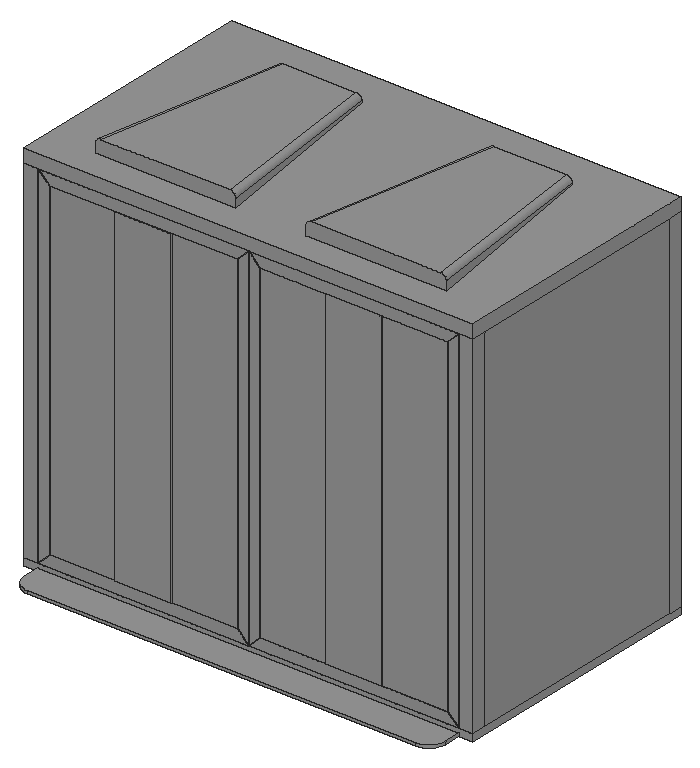
Revit family "Контейнерный шкаф «Блок композит» Арт 13895", category Антураж, Revit 2018
Family settings
  На основе рабочей плоскости = Нет
  Всегда вертикально = Да
  При загрузке вырезать с полостями = Нет
  Источник визуального образа = Геометрия семейства
  Общий = Нет
  Точка расчета площади = Нет
Parameters (values of type "Версия "Сталь, композит"")
  Ширина = 924 mm  # constant formula
  Цвет отделки = Дерево
  Цвет каркаса = Сталь
  Цвет ТБО = ТБО
  Описание = if([Версия "Сталь, дерево"], "Контейнерный шкаф «Блок композит». Версия сталь, дерево", "Контейнерный шкаф «Блок композит». Версия сталь, композит")  # "Контейнерный шкаф «Блок композит». Версия сталь, композит"
  Материал изделия = if([Версия "Сталь, дерево"], "Сталь, дерево", "Сталь, композит")  # "Сталь, композит"
  Изображение типоразмера = Контейнерный шкаф «Блок композит» Арт 13895.jpg
  Изготовитель = "ООО «Хоббика»"  # constant formula
  Длина = 1600 mm  # constant formula
  Группа модели = "Контейнерные площадки для ТБО"  # constant formula
  Высота = 1335 mm  # constant formula
  Версия "Сталь, композит" = not([Версия "Сталь, дерево"])  # yes
  Версия "Сталь, дерево" = no
  Артикул товара = "Арт. 13895"  # constant formula
  URL = "https://hobbyka.ru/product/konteynernyy_shkaf_blok_kompozit/"
Types (3, lengths in mm): name | Описание | Материал изделия | Версия "Сталь, композит" | Версия "Сталь, дерево"
  (no name) | "Контейнерный шкаф «Блок композит». Версия сталь, композит" | "Сталь, композит" | yes | no
  Версия "Сталь, дерево" | "Контейнерный шкаф «Блок композит». Версия сталь, дерево" | "Сталь, дерево" | no | yes
  Версия "Сталь, композит" | "Контейнерный шкаф «Блок композит». Версия сталь, композит" | "Сталь, композит" | yes | no
Reference planes
  plane 1 "По центру (Вперед/Назад)": y = 0
  plane 2: z = 0
  plane 3 "По центру (Влево/Вправо)": x = 0
  plane 4: x = 1600
  plane 5: y = 924
  plane 6: z = 1335
Forms (mm)
  Extrusion 1, solid, material "Сталь" <- "Цвет каркаса"
    sketch origin (0, 0, 0) x (1, 0, 0) y (0, 1, 0)
      loop
        line (50, 0) -> (50, -60)
        arc (50, -60) -> (67.574, -102.426) -> (110, -120) r 60
        line (110, -120) -> (1490, -120)
        arc (1490, -120) -> (1532.426, -102.426) -> (1550, -60) r 60
        line (1550, -60) -> (1550, 0) -> (50, 0)
    from 0 to 10
  Extrusion 2, solid, material "Сталь" <- "Цвет каркаса"
    sketch origin (0, 0, 0) x (1, 0, 0) y (0, 1, 0)
      loop
        line (0, 924) -> (0, 0) -> (1600, 0) -> (1600, 924) -> (0, 924)
    from 0 to 25
  Extrusion 3, solid, material "Сталь" <- "Цвет каркаса"
    sketch origin (0, 0, 0) x (1, 0, 0) y (0, 1, 0)
      loop
        line (0, 924) -> (0, 874) -> (50, 874) -> (50, 924) -> (0, 924)
      loop
        line (775, 874) -> (825, 874) -> (825, 924) -> (775, 924) -> (775, 874)
      loop
        line (1550, 874) -> (1600, 874) -> (1600, 924) -> (1550, 924) -> (1550, 874)
      loop
        line (0, 50) -> (0, 0) -> (50, 0) -> (50, 50) -> (0, 50)
      loop
        line (775, 25) -> (825, 25) -> (825, 75) -> (775, 75) -> (775, 25)
      loop
        line (1550, 0) -> (1600, 0) -> (1600, 50) -> (1550, 50) -> (1550, 0)
    from 25 to 1285
  Extrusion 4, solid, material "Сталь" <- "Цвет каркаса"
    sketch origin (0, 0, 0) x (1, 0, 0) y (0, 1, 0)
      loop
        line (0, 924) -> (0, 0) -> (1600, 0) -> (1600, 924) -> (0, 924)
    from 1285 to 1335
  Extrusion 5, solid, material "Дерево" <- "Цвет отделки"
    sketch origin (0, 0, 0) x (1, 0, 0) y (0, 1, 0)
      loop
        line (50, 924) -> (50, 899) -> (775, 899) -> (775, 924) -> (50, 924)
      loop
        line (825, 924) -> (825, 899) -> (1550, 899) -> (1550, 924) -> (825, 924)
      loop
        line (0, 874) -> (0, 50) -> (25, 50) -> (25, 874) -> (0, 874)
      loop
        line (1600, 874) -> (1575, 874) -> (1575, 50) -> (1600, 50) -> (1600, 874)
    from 25 to 1285
  Extrusion 6, solid, material "Сталь" <- "Цвет каркаса"
    sketch origin (0, 0, 0) x (1, 0, 0) y (0, 0, 1)
      loop
        line (50, 1285) -> (90, 1245) -> (760, 1245) -> (800, 1285) -> (50, 1285)
      loop
        line (50, 25) -> (800, 25) -> (760, 65) -> (90, 65) -> (50, 25)
    from 0 to -25
  Extrusion 7, solid, material "Сталь" <- "Цвет каркаса"
    sketch origin (0, 0, 0) x (1, 0, 0) y (0, 0, 1)
      loop
        line (800, 25) -> (800, 1285) -> (760, 1245) -> (760, 65) -> (800, 25)
      loop
        line (90, 65) -> (90, 1245) -> (50, 1285) -> (50, 25) -> (90, 65)
    from 0 to -25
  Extrusion 8, solid, material "Сталь" <- "Цвет каркаса"
    sketch origin (750, 0, 0) x (1, 0, 0) y (0, 0, 1)
      loop
        line (50, 1285) -> (90, 1245) -> (760, 1245) -> (800, 1285) -> (50, 1285)
      loop
        line (50, 25) -> (800, 25) -> (760, 65) -> (90, 65) -> (50, 25)
    from 0 to -25
  Extrusion 9, solid, material "Сталь" <- "Цвет каркаса"
    sketch origin (750, 0, 0) x (1, 0, 0) y (0, 0, 1)
      loop
        line (800, 25) -> (800, 1285) -> (760, 1245) -> (760, 65) -> (800, 25)
      loop
        line (90, 65) -> (90, 1245) -> (50, 1285) -> (50, 25) -> (90, 65)
    from 0 to -25
  Extrusion 10, solid, material "Дерево" <- "Цвет отделки"
    sketch origin (0, 0, 0) x (1, 0, 0) y (0, 1, 0)
      loop
        line (90, 0) -> (760, 0) -> (760, 12.5) -> (90, 12.5) -> (90, 0)
      loop
        line (840, 12.5) -> (840, 0) -> (1510, 0) -> (1510, 12.5) -> (840, 12.5)
    from 65 to 1245
  Blend 11, solid, material "Сталь" <- "Цвет каркаса"
    base sketch origin (0, 0, 0) x (1, 0, 0) y (0, 0, 1)
      loop
        line (655, 1385) -> (195, 1385)
        arc (195, 1385) -> (180.858, 1379.142) -> (175, 1365) r 20
        line (175, 1365) -> (175, 1335) -> (675, 1335) -> (675, 1365)
        arc (675, 1365) -> (669.142, 1379.142) -> (655, 1385) r 20
    top sketch origin (0, 0, 0) x (1, 0, 0) y (0, 0, 1)
      loop
        line (275, 1335) -> (575, 1335) -> (575, 1340)
        arc (575, 1340) -> (569.142, 1354.142) -> (555, 1360) r 20
        line (555, 1360) -> (295, 1360)
        arc (295, 1360) -> (280.858, 1354.142) -> (275, 1340) r 20
        line (275, 1340) -> (275, 1335)
    from -100 to -785
  Blend 12, solid, material "Сталь" <- "Цвет каркаса"
    base sketch origin (750, 0, 0) x (1, 0, 0) y (0, 0, 1)
      loop
        line (655, 1385) -> (195, 1385)
        arc (195, 1385) -> (180.858, 1379.142) -> (175, 1365) r 20
        line (175, 1365) -> (175, 1335) -> (675, 1335) -> (675, 1365)
        arc (675, 1365) -> (669.142, 1379.142) -> (655, 1385) r 20
    top sketch origin (750, 0, 0) x (1, 0, 0) y (0, 0, 1)
      loop
        line (275, 1335) -> (575, 1335) -> (575, 1340)
        arc (575, 1340) -> (569.142, 1354.142) -> (555, 1360) r 20
        line (555, 1360) -> (295, 1360)
        arc (295, 1360) -> (280.858, 1354.142) -> (275, 1340) r 20
        line (275, 1340) -> (275, 1335)
    from -100 to -785
  Extrusion 13, solid, material "ТБО" <- "Цвет ТБО"
    sketch origin (0, 0, 0) x (1, 0, 0) y (0, 1, 0)
      loop
        line (325, 0) -> (325, -2) -> (525, -2) -> (525, 0) -> (325, 0)
    from 65 to 1245
  Extrusion 14, solid, material "ТБО" <- "Цвет ТБО"
    sketch origin (750, 0, 0) x (1, 0, 0) y (0, 1, 0)
      loop
        line (325, 0) -> (325, -2) -> (525, -2) -> (525, 0) -> (325, 0)
    from 65 to 1245
Dimensions and locks
  "Длина": plane 3 "По центру (Влево/Вправо)" to plane 4
  "Ширина": plane 5 to plane 1 "По центру (Вперед/Назад)"
  "Высота": plane 6 to plane 2
  aligned and locked: level to plane 2
Automatic sketch dimensions
  plane 1 "По центру (Вперед/Назад)" to Extrusion 1 sketch curve = 0 mm
  plane 3 "По центру (Влево/Вправо)" to Extrusion 1 sketch curve = 50 mm
  Extrusion 1 sketch curve to Extrusion 1 sketch curve = 60 mm
  Extrusion 1 sketch curve to plane 4 = 110 mm
  Extrusion 1 sketch curve to plane 4 = 50 mm
  plane 1 "По центру (Вперед/Назад)" to Extrusion 1 sketch curve = 60 mm
  plane 1 "По центру (Вперед/Назад)" to Extrusion 2 sketch curve = 0 mm
  Extrusion 2 sketch curve to plane 3 "По центру (Влево/Вправо)" = 0 mm
  Extrusion 2 sketch curve to plane 4 = 0 mm
  Extrusion 2 sketch curve to plane 5 = 0 mm
  Extrusion 3 sketch curve to plane 3 "По центру (Влево/Вправо)" = 0 mm  (x2)
  plane 1 "По центру (Вперед/Назад)" to Extrusion 3 sketch curve = 0 mm  (x2)
  Extrusion 3 sketch curve to plane 5 = 0 mm  (x3)
  Extrusion 3 sketch curve to plane 4 = 0 mm  (x2)
  plane 3 "По центру (Влево/Вправо)" to Extrusion 3 sketch curve = 50 mm  (x2)
  Extrusion 3 sketch curve to Extrusion 3 sketch curve = 725 mm  (x2)
  Extrusion 3 sketch curve to plane 1 "По центру (Вперед/Назад)" = 25 mm
  Extrusion 3 sketch curve to Extrusion 3 sketch curve = 50 mm  (x5)
  Extrusion 3 sketch curve to plane 4 = 50 mm
  Extrusion 3 sketch curve to plane 1 "По центру (Вперед/Назад)" = 50 mm
  Extrusion 3 sketch curve to plane 5 = 50 mm  (x3)
  plane 1 "По центру (Вперед/Назад)" to Extrusion 4 sketch curve = 0 mm
  Extrusion 4 sketch curve to plane 3 "По центру (Влево/Вправо)" = 0 mm
  Extrusion 4 sketch curve to plane 4 = 0 mm
  Extrusion 4 sketch curve to plane 5 = 0 mm
  Extrusion 5 sketch curve to plane 3 "По центру (Влево/Вправо)" = 0 mm
  Extrusion 5 sketch curve to plane 5 = 0 mm  (x2)
  Extrusion 5 sketch curve to plane 4 = 0 mm
  plane 3 "По центру (Влево/Вправо)" to Extrusion 5 sketch curve = 25 mm
  Extrusion 5 sketch curve to Extrusion 5 sketch curve = 25 mm  (x3)
  Extrusion 5 sketch curve to plane 5 = 25 mm  (x2)
  Extrusion 5 sketch curve to Extrusion 5 sketch curve = 725 mm
  Extrusion 5 sketch curve to Extrusion 5 sketch curve = 50 mm
  Extrusion 5 sketch curve to plane 4 = 50 mm
  Extrusion 5 sketch curve to plane 5 = 50 mm
  Extrusion 5 sketch curve to plane 1 "По центру (Вперед/Назад)" = 50 mm  (x2)
  plane 3 "По центру (Влево/Вправо)" to Extrusion 6 sketch curve = 50 mm  (x2)
  level to Extrusion 6 sketch curve = 25 mm
  Extrusion 6 sketch curve to Extrusion 6 sketch curve = 40 mm  (x4)
  Extrusion 6 sketch curve to plane 6 = 90 mm
  Extrusion 6 sketch curve to Extrusion 6 sketch curve = 670 mm  (x2)
  level to Extrusion 6 sketch curve = 65 mm
  Extrusion 6 sketch curve to plane 6 = 50 mm
  plane 3 "По центру (Влево/Вправо)" to Extrusion 7 sketch curve = 50 mm
  Extrusion 7 sketch curve to Extrusion 7 sketch curve = 40 mm  (x2)
  Extrusion 7 sketch curve to plane 6 = 90 mm  (x2)
  Extrusion 7 sketch curve to Extrusion 7 sketch curve = 670 mm
  Extrusion 7 sketch curve to plane 6 = 50 mm  (x2)
  level to Extrusion 7 sketch curve = 65 mm  (x2)
  level to Extrusion 7 sketch curve = 25 mm  (x2)
  Extrusion 8 sketch curve to plane 6 = 50 mm
  plane 3 "По центру (Влево/Вправо)" to Extrusion 8 sketch curve = 800 mm  (x2)
  level to Extrusion 8 sketch curve = 25 mm
  Extrusion 8 sketch curve to plane 6 = 90 mm
  Extrusion 8 sketch curve to Extrusion 8 sketch curve = 40 mm  (x2)
  level to Extrusion 8 sketch curve = 65 mm
  Extrusion 8 sketch curve to plane 4 = 90 mm  (x2)
  Extrusion 8 sketch curve to plane 4 = 50 mm  (x2)
  Extrusion 9 sketch curve to plane 6 = 50 mm  (x2)
  plane 3 "По центру (Влево/Вправо)" to Extrusion 9 sketch curve = 800 mm
  Extrusion 9 sketch curve to plane 6 = 90 mm  (x2)
  Extrusion 9 sketch curve to Extrusion 9 sketch curve = 40 mm
  Extrusion 9 sketch curve to plane 4 = 90 mm
  Extrusion 9 sketch curve to plane 4 = 50 mm
  level to Extrusion 9 sketch curve = 65 mm  (x2)
  level to Extrusion 9 sketch curve = 25 mm  (x2)
  plane 1 "По центру (Вперед/Назад)" to Extrusion 10 sketch curve = 0 mm  (x2)
  Extrusion 10 sketch curve to plane 1 "По центру (Вперед/Назад)" = 12.5 mm  (x2)
  plane 3 "По центру (Влево/Вправо)" to Extrusion 10 sketch curve = 90 mm
  Extrusion 10 sketch curve to Extrusion 10 sketch curve = 670 mm
  Extrusion 10 sketch curve to Extrusion 10 sketch curve = 80 mm
  Extrusion 10 sketch curve to plane 4 = 90 mm
  Blend 11 sketch curve to plane 6 = 0 mm  (x2)
  plane 3 "По центру (Влево/Вправо)" to Blend 11 sketch curve = 175 mm
  Blend 11 sketch curve to Blend 11 sketch curve = 20 mm  (x4)
  plane 6 to Blend 11 sketch curve = 50 mm
  Blend 11 sketch curve to Blend 11 sketch curve = 460 mm
  plane 3 "По центру (Влево/Вправо)" to Blend 11 sketch curve = 275 mm
  plane 6 to Blend 11 sketch curve = 5 mm
  Blend 11 sketch curve to Blend 11 sketch curve = 260 mm
  Blend 12 sketch curve to plane 6 = 0 mm  (x2)
  Blend 12 sketch curve to plane 4 = 675 mm
  Blend 12 sketch curve to Blend 12 sketch curve = 20 mm  (x4)
  plane 6 to Blend 12 sketch curve = 50 mm
  Blend 12 sketch curve to plane 4 = 195 mm
  Blend 12 sketch curve to plane 4 = 575 mm
  plane 6 to Blend 12 sketch curve = 5 mm
  Blend 12 sketch curve to Blend 12 sketch curve = 260 mm
  plane 1 "По центру (Вперед/Назад)" to Extrusion 13 sketch curve = 0 mm
  plane 1 "По центру (Вперед/Назад)" to Extrusion 13 sketch curve = 2 mm
  plane 3 "По центру (Влево/Вправо)" to Extrusion 13 sketch curve = 325 mm
  Extrusion 13 sketch curve to Extrusion 13 sketch curve = 200 mm
  plane 1 "По центру (Вперед/Назад)" to Extrusion 14 sketch curve = 0 mm
  plane 1 "По центру (Вперед/Назад)" to Extrusion 14 sketch curve = 2 mm
  Extrusion 14 sketch curve to plane 4 = 525 mm
  Extrusion 14 sketch curve to Extrusion 14 sketch curve = 200 mm
